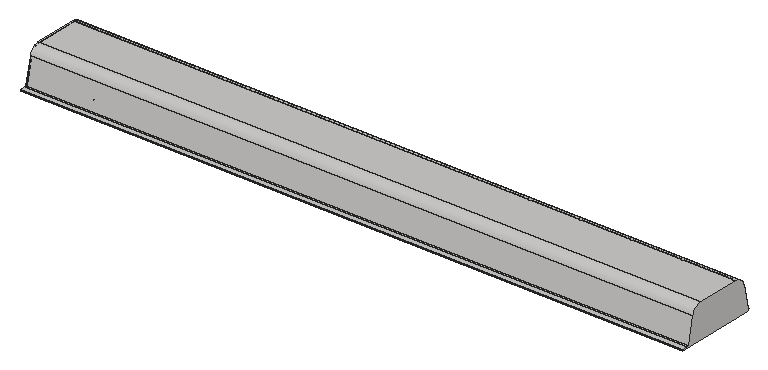
Revit family "PRD_AR_TpsAndWtrSpplOtltFttngs_FittingUnit_AQFU0221-AQFU0225 2", category Plumbing Fixtures, host Face, Revit 2023
Family settings
  Host = Face
  Round Connector Dimension = Use Diameter
  Part Type = Normal
  OmniClass Number = 23.45.55.11
  OmniClass Title = Sanitary Components
  Enable Cutting in Views = No
  Cut with Voids When Loaded = No
  Maintain Annotation Orientation = No
  Shared = No
  Room Calculation Point = No
Parameters (values of type "AQFU0221")
  Width = 1400.00 mm
  WashPlaceWidth = "700 mm"
  WarrantyStartDate [instance] = "1900-12-31T23:59:59"
  WarrantyGuarantorParts = "n/a"
  WarrantyGuarantorLabor = "n/a"
  WarrantyDurationUnit = "n/a"
  WarrantyDurationParts = "n/a"
  WarrantyDurationLabor = "n/a"
  WarrantyDescription = "n/a"
  Version = "1"
  Uniclass2015Version = "Products v1.38"
  Uniclass2015Title = "Taps and water supply outlet fittings"
  Uniclass2015Code = "Pr_40_20_87"
  URL = "www.kwc-professional.com"
  TypeOfMounting = "wall mounting"
  TypeOfMixing = "yes"
  Type IFC Predefined Type = "USERDEFINED"
  TagNumber [instance] = "n/a"
  SustainabilityPerformance = "n/a"
  Status = "New"
  Size = "1400 x 173 x 72 mm (W x H x D)"
  Shape = "n/a"
  SerialNumber [instance] = "n/a"
  Revision = "n/a"
  ReplacementCost = "n/a"
  Reference = "n/a"
  RearRight [instance] = not(RearLeft)  # yes
  RearLeft [instance] = no
  ProductInformation = "http://pim.kwc.com/product/2030064904/attachment/datasheet?locale=en"
  PositionOfWaterConnection = "from backside"
  OverallWidth = "1,400 mm"
  OverallHeight = "173 mm"
  OverallDepth = "72 mm"
  OutletSize = 15.0 mm
  NumberOfWashPlaces = "2"
  NominalWidth = 1400.00 mm
  NominalHeight = 173.00 mm
  NominalDepth = 72.00 mm
  Name = "Fitting unit for wall mounting AQFU0221"
  NBSTypeID = "n/a"
  NBSReference = "n/a"
  NBSOfficeMasterTag = "n/a"
  NBSNote = "n/a"
  NBSDescription = "n/a"
  NBSCertification = "n/a"
  ModelReference = "AQFU0221"
  ModelNumber = "2030064904"
  Model = ModelReference  # "AQFU0221"
  Material = "stainless steel"
  ManufacturerURL = "www.kwc-professional.com"
  ManufacturerName = "KWC Group Management AG"  # constant formula
  Manufacturer = ManufacturerName  # "KWC Group Management AG"
  InletSize = "G 3/4"
  HygieneFlushing = "no"
  HalfWidth = Width / 2  # 700.00 mm
  FlowHotWater = 0.0 L/s
  FlowColdWater = 0.0 L/s
  InletConversionSize = 20.0 mm
  InstallationDate [instance] = "1900-12-31T23:59:59"
  IfcExportType = "USERDEFINED"
  IfcExportAs = "IfcDistributionChamberElement"
  Grade = "n/a"
  Fitting = "separately"
  Finish = "satin finished"
  Features = "With 2 wash places, housing width 1400 mm. Wash place width 700 mm."
  Export Type to IFC As = "IfcDistributionChamberElementType"
  ExpectedLife = "n/a"
  DurationUnit = "n/a"
  Description = "Fitting unit ready for connection with 2 wash places, for wall mounting, for connection to hot and cold water from right or left at rear. Housing made of stainless steel, satin finished with pre-assembled fitting connection blocks and connection options for power supply to electronic fittings, stainless steel piping, hanging rail and mounting materials."
  Default Elevation = 1050.00 mm
  CreatedOn = "12/2025"  # constant formula
  Constituents = "n/a"
  ConnectorsOffset [instance] = if(RearRight, 70.00 mm, Width - 70.00 mm)  # 70.00 mm
  Color = "n/a"
  CodePerformance = "n/a"
  Circulation = "no"
  Category = "Pr_40_20_87, Taps and water supply outlet fittings"
  BodyMaterial = PRD_AR_StainlessSteel_SatinFinished
  BarCode [instance] = "n/a"
  BIMObjectName = "PRD_AR_TapsAndWaterSupplyOutletFittings_FittingUnit_AQFU0221"
  Author = "Archispace"  # constant formula
  AssetType = "Fixed"
  AssetIdentifier [instance] = "n/a"
  AccessibilityPerformance = "n/a"
Types (5, lengths in mm): name | Width | Size | ProductInformation | OverallWidth | NumberOfWashPlaces | NominalWidth | Name | ModelReference | ModelNumber | Model | HalfWidth | Features | Description | BIMObjectName
  AQFU0221 | 1400.00 | "1400 x 173 x 72 mm (W x H x D)" | "http://pim.kwc.com/product/2030064904/attachment/datasheet?locale=en" | "1,400 mm" | "2" | 1400.00 | "Fitting unit for wall mounting AQFU0221" | "AQFU0221" | "2030064904" | "AQFU0221" | 700.00 | "With 2 wash places, housing width 1400 mm. Wash place width 700 mm." | "Fitting unit ready for connection with 2 wash places, for wall mounting, for connection to hot and cold water from right or left at rear. Housing made of stainless steel, satin finished with pre-assembled fitting connection blocks and connection options for power supply to electronic fittings, stainless steel piping, hanging rail and mounting materials." | "PRD_AR_TapsAndWaterSupplyOutletFittings_FittingUnit_AQFU0221"
  AQFU0222 | 2100.00 | "2100 x 173 x 72 mm (W x H x D)" | "http://pim.kwc.com/product/2030064903/attachment/datasheet?locale=en" | "2,100 mm" | "3" | 2100.00 | "Fitting unit for wall mounting AQFU0222" | "AQFU0222" | "2030064903" | "AQFU0222" | 1050.00 | "With 3 wash places, housing width 2100 mm. Wash place width 700 mm." | "Fitting unit ready for connection with 3 wash places, for wall mounting, for connection to hot and cold water from right or left at rear. Housing made of stainless steel, satin finished with pre-assembled fitting connection blocks and connection options for power supply to electronic fittings, stainless steel piping, hanging rail and mounting materials." | "PRD_AR_TapsAndWaterSupplyOutletFittings_FittingUnit_AQFU0222"
  AQFU0223 | 2800.00 | "2800 x 173 x 72 mm (W x H x D)" | "http://pim.kwc.com/product/2030064907/attachment/datasheet?locale=en" | "2,800 mm" | "4" | 2800.00 | "Fitting unit for wall mounting AQFU0223" | "AQFU0223" | "2030064907" | "AQFU0223" | 1400.00 | "With 4 wash places, housing width 2800 mm. Wash place width 700 mm." | "Fitting unit ready for connection with 4 wash places, for wall mounting, for connection to hot and cold water from right or left at rear. Housing made of stainless steel, satin finished with pre-assembled fitting connection blocks and connection options for power supply to electronic fittings, stainless steel piping, hanging rail and mounting materials." | "PRD_AR_TapsAndWaterSupplyOutletFittings_FittingUnit_AQFU0223"
  AQFU0224 | 3500.00 | "3500 x 173 x 72 mm (W x H x D)" | "http://pim.kwc.com/product/2030064912/attachment/datasheet?locale=en" | "3,500 mm" | "5" | 3500.00 | "Fitting unit for wall mounting AQFU0224" | "AQFU0224" | "2030064912" | "AQFU0224" | 1750.00 | "With 5 wash places, housing width 3500 mm. Wash place width 700 mm." | "Fitting unit ready for connection with 5 wash places, for wall mounting, for connection to hot and cold water from right or left at rear. Housing made of stainless steel, satin finished with pre-assembled fitting connection blocks and connection options for power supply to electronic fittings, stainless steel piping, hanging rail and mounting materials." | "PRD_AR_TapsAndWaterSupplyOutletFittings_FittingUnit_AQFU0224"
  AQFU0225 | 4200.00 | "4200 x 173 x 72 mm (W x H x D)" | "http://pim.kwc.com/product/2030064917/attachment/datasheet?locale=en" | "4,200 mm" | "6" | 4200.00 | "Fitting unit for wall mounting AQFU0225" | "AQFU0225" | "2030064917" | "AQFU0225" | 2100.00 | "With 6 wash places, housing width 4200 mm. Wash place width 700 mm." | "Fitting unit ready for connection with 6 wash places, for wall mounting, for connection to hot and cold water from right or left at rear. Housing made of stainless steel, satin finished with pre-assembled fitting connection blocks and connection options for power supply to electronic fittings, stainless steel piping, hanging rail and mounting materials." | "PRD_AR_TapsAndWaterSupplyOutletFittings_FittingUnit_AQFU0225"
Reference planes
  plane 1 "Center (Front/Back)": y = 0
  plane 2: z = 0
  plane 3 "Center (Left/Right)": x = 0
  plane 4: x = -630
  plane 5: x = -700
  plane 6: z = 35
Forms (mm)
  Sweep 1, solid, not visible
    path origin (0, 0, 0) x (1, 0, 0) y (0, 1, 0)
      loop
        line (0, 0) -> (-630, 0)
    profile origin (-315, 0, 0) x (0, -1, 0) y (0, 0, 1)
      loop
        circle (-34, 35) r 1
      loop
        circle (34, 35) r 1
Dimensions and locks
  "HalfWidth": plane 5 to plane 3 "Center (Left/Right)"
  "ConnectorsOffset": plane 5 to plane 4
  aligned and locked: host face to plane 2
  aligned and locked: host face to level
  aligned and locked: level to nested 1
  aligned and locked: plane 3 "Center (Left/Right)" to nested 1
  aligned and locked: plane 4 to Sweep 1 sketch curve
  aligned and locked: plane 3 "Center (Left/Right)" to Sweep 1 sketch curve
Automatic sketch dimensions
  host sketch curve to host sketch curve = 4000.00 mm
  host sketch curve to host sketch curve = 400.00 mm
  plane 1 "Center (Front/Back)" to Sweep 1 sketch curve = 0.00 mm
  profile plane to Sweep 1 sketch curve = 34.00 mm
  Sweep 1 sketch curve to profile plane = 34.00 mm
  level to Sweep 1 sketch curve = 35.00 mm  (x2)
  radius of Sweep 1 sketch curve = 1.00 mm  (x2)
Nested families
  nested 1: "AQFU02" at (0, 0, 0) x (1, 0, 0) z (0, 1, 0), type "AQFU02"
    with X 350.00 mm, Width 1400.00 mm, BasicWidth 1400.00 mm
Connectors
  piping at (-630, 34, 35), diameter 20, driven by "InletConversionSize", driven by "FlowHotWater", driven by "InletSize"
    settings: on Sweep 1, index 1, connector inside diameter 609.6 mm, connector length 0.00 mm, flow factor 0, pipe flow 0.0 L/s, pressure drop 0.0 Pa, fitting loss kfactor 0, connector angle 0.00°, fixture units 0, engagement length 0.00 mm, angle of deflection 0.00°, flow configuration 0, flow direction 1, fitting loss method 0, system type 19, joint type 0, gender type 0, connector reference index -1, connector utility 0, adjustable connector no, is connector primary yes, connector description "G 3/4"
  piping at (-630, -34, 35), diameter 20, driven by "InletConversionSize", driven by "FlowColdWater", driven by "InletSize"
    settings: on Sweep 1, index 2, connector inside diameter 609.6 mm, connector length 0.00 mm, flow factor 0, pipe flow 0.0 L/s, pressure drop 0.0 Pa, fitting loss kfactor 0, connector angle 0.00°, fixture units 0, engagement length 0.00 mm, angle of deflection 0.00°, flow configuration 0, flow direction 1, fitting loss method 0, system type 20, joint type 0, gender type 0, connector reference index -1, connector utility 0, adjustable connector no, is connector primary no, connector description "G 3/4"
Definition of nested family "AQFU02"
  Parameters (values of type "AQFU02")
    Z = if([6 connections], X, 100.00 mm)  # 100.00 mm
    X = BasicWidth / 4  # 400.00 mm
    Width = 1600.00 mm
    W = if([4 connections], X, if([5 connections], X * 2, if([6 connections], X * 3, 100.00 mm)))  # 100.00 mm
    Right = yes
    L = if(Right, 225.00 mm, 39.00 mm)  # 225.00 mm
    Left = no
    R = if(Left, 225.00 mm, 39.00 mm)  # 39.00 mm
    Default Elevation = 1219.20 mm
    D = 14.00 mm
    BasicWidth = 1600.00 mm
    6 connections = Width = BasicWidth + 8 * X  # no
    5 connections = Width = BasicWidth + 6 * X  # no
    4 and 5 and 6 connections = Width > BasicWidth + 2 * X  # no
    3 and 5 connections = or(Width = BasicWidth + 2 * X, Width = BasicWidth + 6 * X)  # no
    2 connections = Width = BasicWidth  # yes
    3 connections = Width = BasicWidth + 2 * X  # no
    BodyMaterial = none
    4 connections = Width = BasicWidth + 4 * X  # no
  Reference planes
    plane 1 "Center (Front/Back)": y = 0
    plane 2: z = 0
    plane 3 "Center (Left/Right)": x = 0
    plane 4: x = -800
    plane 5: x = -798.5
    plane 6: x = -400
    plane 7: x = 400
    plane 8: x = 798.5
    plane 9: x = 800
    plane 10: x = -770.5
    plane 11: x = 770.5
    plane 12: y = -85.5
    plane 13: y = -71.5
    plane 14: y = -70
    plane 15: z = -18
    plane 16: z = 18
    plane 17: x = -100
    plane 18: x = 100
    plane 19: x = -100
    plane 20: x = 100
    plane 21: x = -625
    plane 22: x = 439
    plane 23: x = -525
    plane 24: x = 525
    plane 25: x = -640
    plane 26: x = 454
  Forms (mm)
    Sweep 1, solid, material <- "BodyMaterial", detail levels fine
      path origin (0, 0, 0) x (1, 0, 0) y (0, 0, 1)
        loop
          line (-800, 0) -> (800, 0)
      profile origin (0, 0, 0) x (0, 0, 1) y (0, -1, 0)
        loop
          arc (75, 0) -> (78.14, 1.522) -> (78.89, 4.931) r 4
          line (78.89, 4.931) -> (66.91, 55.003)
          arc (66.91, 55.003) -> (59.317, 66.879) -> (46, 71.5) r 21.5
          line (46, 71.5) -> (-45.98, 71.5)
          arc (-45.98, 71.5) -> (-59.464, 66.753) -> (-67.001, 54.606) r 21.525
          line (-67.001, 54.606) -> (-78.268, 3.462)
          arc (-78.268, 3.462) -> (-79.143, 2.051) -> (-80.709, 1.5) r 2.5
          line (-80.709, 1.5) -> (-93.5, 1.5) -> (-93.5, 0) -> (75, 0)
    Sweep 2, void
      path origin (0, 0, 0) x (1, 0, 0) y (0, 0, 1)
        loop
          line (-798.5, 0) -> (798.5, 0)
      profile origin (0, 0, 0) x (0, 0, 1) y (0, -1, 0)
        loop
          arc (75, 1.5) -> (76.963, 2.452) -> (77.431, 4.582) r 2.5
          line (77.431, 4.582) -> (65.451, 54.654)
          arc (65.451, 54.654) -> (58.388, 65.702) -> (46, 70) r 20
          line (46, 70) -> (-45.98, 70)
          arc (-45.98, 70) -> (-58.524, 65.584) -> (-65.536, 54.283) r 20.025
          line (-65.536, 54.283) -> (-77.164, 1.5) -> (75, 1.5)
    Sweep 3, void
      path origin (0, 0, 0) x (1, 0, 0) y (0, 0, 1)
        loop
          line (-770.5, 0) -> (770.5, 0)
      profile origin (0, 0, 0) x (0, 0, 1) y (0, -1, 0)
        loop
          line (64.5, 1.5) -> (-77.164, 1.5) -> (-77.494, 0) -> (64.5, 0) -> (64.5, 1.5)
    Sweep 4, solid
      path origin (0, 0, 0) x (1, 0, 0) y (0, 0, 1)
        loop
          line (-625, 0) -> (439, 0)
      profile origin (-93, 0, 0) x (0, 0, 1) y (0, -1, 0)
        loop
          circle (34, 35) r 34
    Sweep 5, solid
      path origin (0, 0, 0) x (1, 0, 0) y (0, 0, 1)
        loop
          line (-625, 0) -> (439, 0)
      profile origin (-93, 0, 0) x (0, 0, 1) y (0, -1, 0)
        loop
          circle (-34, 35) r 34
    Sweep 6, solid, material <- "BodyMaterial", detail levels fine
      path origin (0, 0, 0) x (1, 0, 0) y (0, 0, 1)
        loop
          line (-525, 0) -> (525, 0)
      profile origin (0, 0, 0) x (0, 0, 1) y (0, -1, 0)
        loop
          line (60.193, 0) -> (72.352, 4.426) -> (71.839, 5.835) -> (59.928, 1.5) -> (33, 1.5) -> (33, 0) -> (60.193, 0)
    Sweep 7, solid, visible <- "Right"
      path origin (0, 0, 0) x (1, 0, 0) y (0, 0, 1)
        loop
          line (-640, 0) -> (-625, 0)
      profile origin (-632.5, 0, 0) x (0, 0, 1) y (0, -1, 0)
        loop
          line (-42.66, 50) -> (-51.321, 35) -> (-42.66, 20) -> (-25.34, 20) -> (-16.679, 35) -> (-25.34, 50) -> (-42.66, 50)
        loop
          line (25.34, 50) -> (16.679, 35) -> (25.34, 20) -> (42.66, 20) -> (51.321, 35) -> (42.66, 50) -> (25.34, 50)
        loop
          circle (34, 35) r 13
        loop
          circle (-34, 35) r 13
    Sweep 8, solid, visible <- "Left"
      path origin (1240, 0, 0) x (1, 0, 0) y (0, 0, 1)
        loop
          line (-801, 0) -> (-786, 0)
      profile origin (446.5, 0, 0) x (0, 0, 1) y (0, -1, 0)
        loop
          line (-42.66, 50) -> (-51.321, 35) -> (-42.66, 20) -> (-25.34, 20) -> (-16.679, 35) -> (-25.34, 50) -> (-42.66, 50)
        loop
          line (25.34, 50) -> (16.679, 35) -> (25.34, 20) -> (42.66, 20) -> (51.321, 35) -> (42.66, 50) -> (25.34, 50)
        loop
          circle (34, 35) r 13
        loop
          circle (-34, 35) r 13
    Sweep 9, solid, material <- "BodyMaterial", detail levels medium
      path origin (0, 0, 0) x (1, 0, 0) y (0, 0, 1)
        loop
          line (-800, 0) -> (800, 0)
      profile origin (0, 0, 0) x (0, 0, 1) y (0, -1, 0)
        loop
          line (80.07, 0) -> (62.963, 71.5) -> (-63.279, 71.5) -> (-78.7, 1.5) -> (-93.5, 1.5) -> (-93.5, 0) -> (80.07, 0)
    Sweep 10, void
      path origin (0, 0, 0) x (1, 0, 0) y (0, 0, 1)
        loop
          line (-798.5, 0) -> (798.5, 0)
      profile origin (0, 0, 0) x (0, 0, 1) y (0, -1, 0)
        loop
          line (-77.494, 0) -> (78.528, 0) -> (61.779, 70) -> (-62.074, 70) -> (-77.494, 0)
    Sweep 11, solid, material <- "BodyMaterial", detail levels coarse
      path origin (0, 0, 0) x (1, 0, 0) y (0, 0, 1)
        loop
          line (-800, 0) -> (800, 0)
      profile origin (0, 0, 0) x (0, 0, 1) y (0, -1, 0)
        loop
          line (80.07, 0) -> (80.07, 71.5) -> (-93.5, 71.5) -> (-93.5, 0) -> (80.07, 0)
  Cuts and joins
    Sweep 2, Sweep 3 cuts Sweep 1
    Sweep 10 cuts Sweep 9
    Sweep 10 cuts Sweep 11
  Lines and regions (mm)
    model lines
      curve 1: circle (-400, -71.5, 0) r 7 normal (0, -1, 0)
      curve 2: line (-400, -71.5, 7) -> (-400, -71.5, -7)
      curve 3: line (-407, -71.5, 0) -> (-393, -71.5, 0)
      curve 4: circle (400, -71.5, 0) r 7 normal (0, 1, 0)
      curve 5: line (400, -71.5, 7) -> (400, -71.5, -7)
      curve 6: line (407, -71.5, 0) -> (393, -71.5, 0)
      curve 22: circle (-400, -71.5, 18) r 7.5 normal (0, -1, 0)
      curve 23: circle (400, -71.5, 18) r 7.5 normal (0, 1, 0)
      curve 29: circle (-400, -71.5, -18) r 7.5 normal (0, -1, 0)
      curve 30: circle (400, -71.5, -18) r 7.5 normal (0, 1, 0)
    model lines, visible <- "3 and 5 connections"
      curve 7: circle (0, -71.5, 0) r 7 normal (0, -1, 0)
      curve 8: line (0, -71.5, 7) -> (0, -71.5, -7)
      curve 9: line (-7, -71.5, 0) -> (7, -71.5, 0)
      curve 24: circle (0, -71.5, 18) r 7.5 normal (0, -1, 0)
      curve 31: circle (0, -71.5, -18) r 7.5 normal (0, -1, 0)
    model lines, visible <- "4 and 5 and 6 connections"
      curve 10: circle (-100, -71.5, 0) r 7 normal (0, -1, 0)
      curve 11: line (-100, -71.5, 7) -> (-100, -71.5, -7)
      curve 12: line (-107, -71.5, 0) -> (-93, -71.5, 0)
      curve 13: circle (100, -71.5, 0) r 7 normal (0, -1, 0)
      curve 14: line (100, -71.5, 7) -> (100, -71.5, -7)
      curve 15: line (93, -71.5, 0) -> (107, -71.5, 0)
      curve 25: circle (-100, -71.5, 18) r 7.5 normal (0, -1, 0)
      curve 26: circle (100, -71.5, 18) r 7.5 normal (0, -1, 0)
      curve 32: circle (-100, -71.5, -18) r 7.5 normal (0, -1, 0)
      curve 33: circle (100, -71.5, -18) r 7.5 normal (0, -1, 0)
    model lines, visible <- "6 connections"
      curve 16: circle (-100, -71.5, 0) r 7 normal (0, -1, 0)
      curve 17: line (-100, -71.5, 7) -> (-100, -71.5, -7)
      curve 18: line (-107, -71.5, 0) -> (-93, -71.5, 0)
      curve 19: circle (100, -71.5, 0) r 7 normal (0, -1, 0)
      curve 20: line (100, -71.5, 7) -> (100, -71.5, -7)
      curve 21: line (93, -71.5, 0) -> (107, -71.5, 0)
      curve 27: circle (-100, -71.5, 18) r 7.5 normal (0, -1, 0)
      curve 28: circle (100, -71.5, 18) r 7.5 normal (0, -1, 0)
      curve 34: circle (-100, -71.5, -18) r 7.5 normal (0, -1, 0)
      curve 35: circle (100, -71.5, -18) r 7.5 normal (0, -1, 0)
  Dimensions and locks
    equal spacing: plane 4, plane 3 "Center (Left/Right)", plane 9
    "Width": plane 4 to plane 9
    "X": plane 4 to plane 6
    "X": plane 7 to plane 9
    locked: plane 4 to plane 5 at 1.5
    locked: plane 8 to plane 9 at 1.5
    locked: plane 4 to plane 10 at 29.5
    locked: plane 11 to plane 9 at 29.5
    locked: plane 13 to plane 1 "Center (Front/Back)" at 71.5
    locked: plane 13 to plane 12 at 14
    locked: plane 14 to plane 13 at 1.5
    "W": plane 17 to plane 3 "Center (Left/Right)"
    "W": plane 18 to plane 3 "Center (Left/Right)"
    "Z": plane 3 "Center (Left/Right)" to plane 19
    "Z": plane 20 to plane 3 "Center (Left/Right)"
    locked: plane 21 to plane 25 at 15
    locked: plane 26 to plane 22 at 15
    "R": plane 7 to plane 22
    "L": plane 21 to plane 6
    locked: plane 6 to plane 23 at 125
    locked: plane 7 to plane 24 at 125
    "D": diameter of curve 1
    "D": diameter of curve 16
    "D": diameter of curve 10
    "D": diameter of curve 7
    "D": diameter of curve 19
    "D": diameter of curve 13
    "D": diameter of curve 4
    aligned and locked: level to plane 2
    aligned and locked: plane 4 to Sweep 1 sketch curve
    aligned and locked: plane 9 to Sweep 1 sketch curve
    aligned and locked: Sweep 1 sketch curve to level
    aligned and locked: plane 5 to Sweep 2 sketch curve
    aligned and locked: plane 8 to Sweep 2 sketch curve
    aligned and locked: Sweep 3 sketch curve to plane 1 "Center (Front/Back)"
    aligned and locked: plane 10 to Sweep 3 sketch curve
    aligned and locked: plane 11 to Sweep 3 sketch curve
    aligned and locked: plane 21 to Sweep 4 sketch curve
    aligned and locked: plane 22 to Sweep 4 sketch curve
    aligned and locked: Sweep 4 sketch curve to level
    aligned and locked: plane 21 to Sweep 5 sketch curve
    aligned and locked: plane 22 to Sweep 5 sketch curve
    aligned and locked: Sweep 5 sketch curve to level
    aligned and locked: plane 23 to Sweep 6 sketch curve
    aligned and locked: plane 24 to Sweep 6 sketch curve
    aligned and locked: Sweep 6 sketch curve to level
    aligned and locked: plane 21 to Sweep 7 sketch curve
    aligned and locked: plane 25 to Sweep 7 sketch curve
    aligned and locked: Sweep 7 sketch curve to level
    aligned and locked: plane 26 to Sweep 8 sketch curve
    aligned and locked: plane 22 to Sweep 8 sketch curve
    aligned and locked: plane 4 to Sweep 9 sketch curve
    aligned and locked: Sweep 9 sketch curve to level
    aligned and locked: plane 9 to Sweep 9 sketch curve
    aligned and locked: Sweep 10 sketch curve to level
    aligned and locked: plane 8 to Sweep 10 sketch curve
    aligned and locked: plane 5 to Sweep 10 sketch curve
    aligned and locked: plane 4 to Sweep 11 sketch curve
    aligned and locked: plane 9 to Sweep 11 sketch curve
    aligned and locked: Sweep 11 sketch curve to level
    aligned and locked: Sweep 11 sketch curve to plane 1 "Center (Front/Back)"
    aligned and locked: Sweep 11 sketch curve to plane 13
    aligned and locked: plane 6 to curve 1
    aligned and locked: level to curve 1
    aligned and locked: plane 7 to curve 5
    aligned and locked: level to curve 6
    aligned and locked: plane 7 to curve 4
    aligned and locked: level to curve 4
    aligned and locked: curve 8 to plane 3 "Center (Left/Right)"
    aligned and locked: curve 9 to level
    aligned and locked: level to curve 7
    aligned and locked: plane 3 "Center (Left/Right)" to curve 7
    aligned and locked: plane 17 to curve 11
    aligned and locked: curve 12 to level
    aligned and locked: plane 17 to curve 10
    aligned and locked: curve 14 to plane 18
    aligned and locked: curve 15 to level
    aligned and locked: plane 18 to curve 13
    aligned and locked: plane 19 to curve 16
    aligned and locked: plane 19 to curve 17
    aligned and locked: level to curve 16
    aligned and locked: curve 18 to level
    aligned and locked: level to curve 19
    aligned and locked: plane 20 to curve 19
    aligned and locked: curve 20 to plane 20
    aligned and locked: curve 21 to level
    aligned and locked: plane 6 to curve 22
    aligned and locked: plane 6 to curve 29
    aligned and locked: plane 19 to curve 27
    aligned and locked: plane 19 to curve 34
    aligned and locked: plane 3 "Center (Left/Right)" to curve 24
    aligned and locked: plane 3 "Center (Left/Right)" to curve 31
    aligned and locked: plane 20 to curve 28
    aligned and locked: plane 20 to curve 35
    aligned and locked: plane 7 to curve 23
    aligned and locked: plane 7 to curve 30
    aligned and locked: plane 17 to curve 25
    aligned and locked: plane 17 to curve 32
    aligned and locked: plane 18 to curve 33
    aligned and locked: plane 18 to curve 26
  Automatic sketch dimensions
    Sweep 1 sketch curve to plane 1 "Center (Front/Back)" = 0.00 mm
    profile plane to Sweep 1 sketch curve = 93.50 mm
    plane 1 "Center (Front/Back)" to Sweep 1 sketch curve = 4.00 mm
    Sweep 1 sketch curve to Sweep 1 sketch curve = 12.791 mm
    plane 1 "Center (Front/Back)" to Sweep 1 sketch curve = 3.462 mm
    Sweep 1 sketch curve to Sweep 1 sketch curve = 2.441 mm
    Sweep 1 sketch curve to Sweep 1 sketch curve = 11.267 mm
    Sweep 1 sketch curve to Sweep 1 sketch curve = 21.021 mm
    Sweep 1 sketch curve to profile plane = 46.00 mm
    Sweep 1 sketch curve to Sweep 1 sketch curve = 20.91 mm
    Sweep 1 sketch curve to Sweep 1 sketch curve = 8.09 mm
    plane 1 "Center (Front/Back)" to Sweep 1 sketch curve = 4.931 mm
    Sweep 1 sketch curve to Sweep 1 sketch curve = 3.89 mm
    plane 1 "Center (Front/Back)" to Sweep 1 sketch curve = 49.975 mm
    plane 1 "Center (Front/Back)" to Sweep 1 sketch curve = 50.00 mm
    Sweep 1 sketch curve to Sweep 1 sketch curve = 4.631 mm
    Sweep 2 sketch curve to level = 0.00 mm
    profile plane to Sweep 2 sketch curve = 1.50 mm
    profile plane to Sweep 2 sketch curve = 77.164 mm
    Sweep 2 sketch curve to Sweep 2 sketch curve = 11.628 mm
    Sweep 2 sketch curve to Sweep 2 sketch curve = 19.556 mm
    Sweep 2 sketch curve to profile plane = 46.00 mm
    Sweep 2 sketch curve to Sweep 2 sketch curve = 19.451 mm
    profile plane to Sweep 2 sketch curve = 4.00 mm
    Sweep 2 sketch curve to Sweep 2 sketch curve = 9.549 mm
    profile plane to Sweep 2 sketch curve = 4.582 mm
    profile plane to Sweep 2 sketch curve = 49.975 mm
    profile plane to Sweep 2 sketch curve = 50.00 mm
    Sweep 2 sketch curve to Sweep 2 sketch curve = 4.308 mm
    Sweep 3 sketch curve to level = 0.00 mm
    profile plane to Sweep 3 sketch curve = 77.494 mm
    profile plane to Sweep 3 sketch curve = 1.50 mm
    Sweep 3 sketch curve to Sweep 3 sketch curve = 0.33 mm
    Sweep 3 sketch curve to profile plane = 64.50 mm
    Sweep 4 sketch curve to profile plane = 34.00 mm
    plane 1 "Center (Front/Back)" to Sweep 4 sketch curve = 35.00 mm
    profile plane to Sweep 5 sketch curve = 34.00 mm
    plane 1 "Center (Front/Back)" to Sweep 5 sketch curve = 35.00 mm
    Sweep 6 sketch curve to plane 1 "Center (Front/Back)" = 0.00 mm
    Sweep 6 sketch curve to profile plane = 33.00 mm
    plane 1 "Center (Front/Back)" to Sweep 6 sketch curve = 1.50 mm
    Sweep 6 sketch curve to Sweep 6 sketch curve = 26.928 mm
    Sweep 6 sketch curve to Sweep 6 sketch curve = 0.264 mm
    plane 1 "Center (Front/Back)" to Sweep 6 sketch curve = 5.835 mm
    Sweep 6 sketch curve to Sweep 6 sketch curve = 11.911 mm
    profile plane to Sweep 7 sketch curve = 51.321 mm
    plane 1 "Center (Front/Back)" to Sweep 7 sketch curve = 20.00 mm  (x2)
    Sweep 7 sketch curve to Sweep 7 sketch curve = 8.66 mm  (x8)
    Sweep 7 sketch curve to Sweep 7 sketch curve = 17.321 mm  (x3)
    profile plane to Sweep 7 sketch curve = 16.679 mm
    Sweep 7 sketch curve to profile plane = 16.679 mm
    Sweep 7 sketch curve to Sweep 7 sketch curve = 15.00 mm  (x6)
    Sweep 7 sketch curve to Sweep 7 sketch curve = 0.00 mm  (x2)
    Sweep 8 sketch curve to level = 0.00 mm
    profile plane to Sweep 8 sketch curve = 51.321 mm
    plane 1 "Center (Front/Back)" to Sweep 8 sketch curve = 20.00 mm  (x2)
    Sweep 8 sketch curve to Sweep 8 sketch curve = 8.66 mm  (x6)
    Sweep 8 sketch curve to Sweep 8 sketch curve = 17.321 mm  (x5)
    profile plane to Sweep 8 sketch curve = 16.679 mm
    Sweep 8 sketch curve to profile plane = 16.679 mm
    Sweep 8 sketch curve to Sweep 8 sketch curve = 15.00 mm  (x7)
    Sweep 8 sketch curve to Sweep 8 sketch curve = 0.00 mm
    Sweep 9 sketch curve to profile plane = 0.00 mm
    profile plane to Sweep 9 sketch curve = 93.50 mm
    profile plane to Sweep 9 sketch curve = 1.50 mm
    Sweep 9 sketch curve to Sweep 9 sketch curve = 14.80 mm
    Sweep 9 sketch curve to Sweep 9 sketch curve = 15.421 mm
    Sweep 10 sketch curve to profile plane = 0.00 mm
    profile plane to Sweep 10 sketch curve = 77.494 mm
    Sweep 10 sketch curve to Sweep 10 sketch curve = 15.421 mm
    Sweep 10 sketch curve to Sweep 10 sketch curve = 16.748 mm
    profile plane to Sweep 11 sketch curve = 93.50 mm
    Sweep 11 sketch curve to profile plane = 80.07 mm
    Sweep 9 sketch curve to profile plane = 62.963 mm
    Sweep 9 sketch curve to Sweep 9 sketch curve = 17.107 mm
    profile plane to Sweep 9 sketch curve = 71.50 mm
    Sweep 10 sketch curve to profile plane = 61.779 mm
    profile plane to Sweep 10 sketch curve = 70.00 mm
    curve 10 to curve 16 = 0.00 mm
    curve 13 to curve 19 = 0.00 mm
    curve 25 to curve 27 = 0.00 mm
    curve 26 to curve 28 = 0.00 mm
    curve 32 to curve 34 = 0.00 mm
    curve 33 to curve 35 = 0.00 mm
    plane 6 to curve 2 = 0.00 mm
    curve 35 to plane 15 = 0.00 mm
    curve 34 to plane 15 = 0.00 mm
    curve 29 to plane 15 = 0.00 mm
    curve 30 to plane 15 = 0.00 mm
    curve 31 to plane 15 = 0.00 mm
    curve 3 to level = 0.00 mm
    curve 26 to plane 16 = 0.00 mm
    curve 25 to plane 16 = 0.00 mm
    curve 24 to plane 16 = 0.00 mm
    curve 23 to plane 16 = 0.00 mm
    curve 22 to plane 16 = 0.00 mm
    radius of Sweep 4 sketch curve = 34.00 mm
    radius of Sweep 5 sketch curve = 34.00 mm
    radius of Sweep 7 sketch curve = 13.00 mm  (x2)
    radius of Sweep 8 sketch curve = 13.00 mm  (x2)
    radius of curve 22 = 7.50 mm
    radius of curve 23 = 7.50 mm
    radius of curve 24 = 7.50 mm
    radius of curve 25 = 7.50 mm
    radius of curve 26 = 7.50 mm
    radius of curve 27 = 7.50 mm
    radius of curve 28 = 7.50 mm
    radius of curve 29 = 7.50 mm
    radius of curve 30 = 7.50 mm
    radius of curve 31 = 7.50 mm
    radius of curve 32 = 7.50 mm
    radius of curve 33 = 7.50 mm
    radius of curve 34 = 7.50 mm
    radius of curve 35 = 7.50 mm
